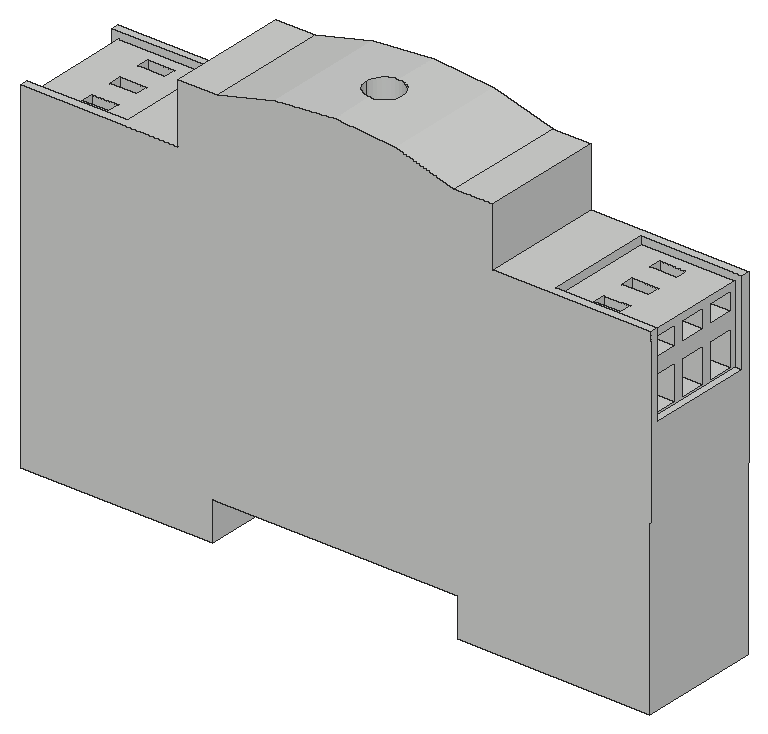
Revit family "Schutz für 2-polige Stromversorgung mit Fernsignalisierung", category Generic Models, Revit 2015
Parameters (values of type "VF2-230-AC/DC-FS")
  Width = 90 mm
  URL = "http://www.obo-bettermann.com"
  Material 2 = OBO PE
  Material = OBO PA 6 GF20
  Manufacturer Art.No. = "5097939"
  Manufacturer = "OBO Bettermann"
  Length = 17.5 mm
  Height = 60.5 mm
  GTIN = "4012195578260"
  Cut depth = 12 mm
  Article Type = "VF2-230-AC/DC-FS"
Types (4, lengths in mm): name | Manufacturer Art.No. | GTIN | Article Type
  (no name) | "5097939" | "4012195578260" | "VF2-230-AC/DC-FS"
  VF24-AC/DC-FS | "5097820" | "4012195578185" | "VF24-AC/DC-FS"
  VF230-AC-FS | "5097858" | "4012195578215" | "VF230-AC-FS"
  VF2-230-AC/DC-FS | "5097939" | "4012195578260" | "VF2-230-AC/DC-FS"
Reference planes
  plane 1 "Center (Front/Back)": y = 0
  plane 2: z = 0
  plane 3 "Center (Left/Right)": x = 0
  plane 4: z = 60.5
  plane 5: y = 8.75
  plane 6: y = -8.75
  plane 7: z = 37
  plane 8: z = 48
  plane 9: z = 46
  plane 10: x = 39
  plane 11: x = -39
  plane 12: z = 61.5
  plane 13: z = 51.5
  plane 14: z = 61.5
  plane 15: z = 51.5
  plane 16: x = -44
Forms (mm)
  Extrusion 1, solid, material "OBO PA 6 GF20" <- "Material"
    sketch origin (0, 0, 0) x (1, 0, 0) y (0, 0, 1)
      loop
        line (0, 5.5) -> (17.5, 5.5) -> (17.5, 0) -> (45, 0) -> (45, 49) -> (22.5, 49) -> (22.5, 57.5) -> (17, 57.5)
        arc (17, 57.5) -> (0, 60.5) -> (-17, 57.5) r 49.667
        line (-17, 57.5) -> (-22.5, 57.5) -> (-22.5, 49) -> (-45, 49) -> (-45, 0) -> (-17.5, 0) -> (-17.5, 5.5) -> (0, 5.5)
    from -8.75 to 8.75
  Extrusion 2, void
    sketch origin (0, 0, 0) x (1, 0, 0) y (0, 1, 0)
      loop
        line (30.6, 7.6) -> (30.6, -7.6) -> (45, -7.6) -> (45, 7.6) -> (30.6, 7.6)
      loop
        line (-45, 7.6) -> (-45, -7.6) -> (-30.6, -7.6) -> (-30.6, 7.6) -> (-45, 7.6)
    from 37 to 49
  Extrusion 3, solid, material "OBO PE" <- "Material 2"
    sketch origin (0, 0, 0) x (1, 0, 0) y (0, 1, 0)
      loop
        line (30.6, 7.6) -> (30.6, -7.6) -> (44, -7.6) -> (44, 7.6) -> (30.6, 7.6)
      loop
        line (-30.6, 7.6) -> (-44, 7.6) -> (-44, -7.6) -> (-30.6, -7.6) -> (-30.6, 7.6)
    from 37 to 48
  Extrusion 4, void
    sketch origin (0, 0, 0) x (1, 0, 0) y (0, 1, 0)
      loop
        line (34.7, 0.9) -> (34.7, -0.9) -> (38.5, -0.9) -> (38.5, 0.9) -> (34.7, 0.9)
      loop
        line (34.7, 5.9) -> (34.7, 4.1) -> (38.5, 4.1) -> (38.5, 5.9) -> (34.7, 5.9)
      loop
        line (34.7, -4.1) -> (34.7, -5.9) -> (38.5, -5.9) -> (38.5, -4.1) -> (34.7, -4.1)
      loop
        line (-34.7, 5.9) -> (-38.5, 5.9) -> (-38.5, 4.1) -> (-34.7, 4.1) -> (-34.7, 5.9)
      loop
        line (-34.7, 0.9) -> (-38.5, 0.9) -> (-38.5, -0.9) -> (-34.7, -0.9) -> (-34.7, 0.9)
      loop
        line (-34.7, -4.1) -> (-38.5, -4.1) -> (-38.5, -5.9) -> (-34.7, -5.9) -> (-34.7, -4.1)
    from 46 to 48
  Extrusion 5, void
    sketch origin (0, 0, 0) x (0, 1, 0) y (0, 0, 1)
      loop
        line (1.9, 47) -> (-1.9, 47) -> (-1.9, 44.4) -> (1.9, 44.4) -> (1.9, 47)
      loop
        line (6.9, 47) -> (3.1, 47) -> (3.1, 44.4) -> (6.9, 44.4) -> (6.9, 47)
      loop
        line (-3.1, 47) -> (-6.9, 47) -> (-6.9, 44.4) -> (-3.1, 44.4) -> (-3.1, 47)
      loop
        line (6.9, 42.2) -> (3.1, 42.2) -> (3.1, 37.2) -> (6.9, 37.2) -> (6.9, 42.2)
      loop
        line (1.9, 42.2) -> (-1.9, 42.2) -> (-1.9, 37.2) -> (1.9, 37.2) -> (1.9, 42.2)
      loop
        line (-3.1, 42.2) -> (-6.9, 42.2) -> (-6.9, 37.2) -> (-3.1, 37.2) -> (-3.1, 42.2)
    from 39 to 44
  Extrusion 6, void
    sketch origin (0, 0, 0) x (0, 1, 0) y (0, 0, 1)
      loop
        line (3.1, 44.4) -> (6.9, 44.4) -> (6.9, 47) -> (3.1, 47) -> (3.1, 44.4)
      loop
        line (1.9, 44.4) -> (1.9, 47) -> (-1.9, 47) -> (-1.9, 44.4) -> (1.9, 44.4)
      loop
        line (-3.1, 47) -> (-6.9, 47) -> (-6.9, 44.4) -> (-3.1, 44.4) -> (-3.1, 47)
      loop
        line (6.9, 42.2) -> (3.1, 42.2) -> (3.1, 37.2) -> (6.9, 37.2) -> (6.9, 42.2)
      loop
        line (1.9, 37.2) -> (1.9, 42.2) -> (-1.9, 42.2) -> (-1.9, 37.2) -> (1.9, 37.2)
      loop
        line (-3.1, 42.2) -> (-6.9, 42.2) -> (-6.9, 37.2) -> (-3.1, 37.2) -> (-3.1, 42.2)
    from -44 to -39
  Extrusion 7, void
    sketch origin (0, 0, 0) x (1, 0, 0) y (0, 1, 0)
      loop
        circle (0, 0) r 2.6
    from 51.5 to 61.5
  Extrusion 8, void
    sketch origin (0, 0, 0) x (0, 1, 0) y (0, 0, 1)
      loop
        line (5.55, 0) -> (5.55, 15.2) -> (-5.55, 15.2) -> (-5.55, 0) -> (5.55, 0)
    from -45 to -44
Cuts and joins
  Extrusion 2, Extrusion 4, Extrusion 5, Extrusion 6, Extrusion 7, Extrusion 8 cuts Extrusion 1
  Extrusion 4, Extrusion 5, Extrusion 6 cuts Extrusion 3
Dimensions and locks
  locked: Extrusion 1 sketch curve to plane 3 "Center (Left/Right)" at 45
  locked: Extrusion 1 sketch curve to level at 49  (x2)
  locked: Extrusion 1 sketch curve to level at 5.5
  locked: Extrusion 1 sketch curve to plane 3 "Center (Left/Right)" at 17.5
  locked: Extrusion 1 sketch curve to plane 3 "Center (Left/Right)" at 22.5
  locked: Extrusion 1 sketch curve to level at 57.5  (x2)
  locked: Extrusion 1 sketch curve to Extrusion 1 sketch curve at 5.5  (x2)
  "Width": Extrusion 1 sketch curve to Extrusion 1 sketch curve
  locked: plane 3 "Center (Left/Right)" to Extrusion 1 sketch curve at 17.5
  locked: plane 3 "Center (Left/Right)" to Extrusion 1 sketch curve at 22.5
  "Height": plane 4 to level
  "Length": plane 5 to plane 6
  locked: plane 5 to plane 1 "Center (Front/Back)" at 8.75
  locked: Extrusion 2 sketch curve to Extrusion 2 sketch curve at 15.2
  equal spacing: Extrusion 2 sketch curve, plane 1 "Center (Front/Back)", Extrusion 2 sketch curve, locked at 7.6 each
  locked: Extrusion 2 sketch curve to Extrusion 1 at 14.4
  locked: Extrusion 1 to Extrusion 2 sketch curve at 14.4
  "Cut depth": cut or joined group of Extrusion 1, Extrusion 2, Extrusion 4, Extrusion 5, Extrusion 6, Extrusion 7, Extrusion 8 to plane 7
  locked: Extrusion 3 sketch curve to cut or joined group of Extrusion 1, Extrusion 2, Extrusion 4, Extrusion 5, Extrusion 6, Extrusion 7, Extrusion 8 at 1
  locked: cut or joined group of Extrusion 1, Extrusion 2, Extrusion 4, Extrusion 5, Extrusion 6, Extrusion 7, Extrusion 8 to Extrusion 3 sketch curve at 1
  locked: cut or joined group of Extrusion 1, Extrusion 2, Extrusion 4, Extrusion 5, Extrusion 6, Extrusion 7, Extrusion 8 to plane 8 at 1
  locked: Extrusion 4 sketch curve to Extrusion 4 sketch curve at 1.8  (x3)
  equal spacing: Extrusion 4 sketch curve, plane 1 "Center (Front/Back)", Extrusion 4 sketch curve, locked at 0.9 each
  locked: Extrusion 4 sketch curve to Extrusion 4 sketch curve at 3.2  (x2)
  locked: Extrusion 4 sketch curve to Extrusion 4 sketch curve at 3.8  (x2)
  locked: Extrusion 4 sketch curve to cut or joined group of Extrusion 1, Extrusion 2, Extrusion 4, Extrusion 5, Extrusion 6, Extrusion 7, Extrusion 8 at 10.3
  locked: cut or joined group of Extrusion 1, Extrusion 2, Extrusion 4, Extrusion 5, Extrusion 6, Extrusion 7, Extrusion 8 to Extrusion 4 sketch curve at 10.3
  locked: plane 8 to plane 9 at 2
  locked: Extrusion 5 sketch curve to Extrusion 5 sketch curve at 3.8  (x3)
  equal spacing: Extrusion 5 sketch curve, plane 1 "Center (Front/Back)", Extrusion 5 sketch curve, locked at 1.9 each
  locked: Extrusion 5 sketch curve to Extrusion 5 sketch curve at 1.2  (x2)
  locked: cut or joined group of Extrusion 3, Extrusion 4, Extrusion 5, Extrusion 6 to Extrusion 5 sketch curve at 1
  locked: Extrusion 5 sketch curve to Extrusion 5 sketch curve at 2.6
  locked: Extrusion 5 sketch curve to Extrusion 5 sketch curve at 2.2
  locked: Extrusion 5 sketch curve to Extrusion 5 sketch curve at 5
  locked: cut or joined group of Extrusion 3, Extrusion 4, Extrusion 5, Extrusion 6 to plane 10 at 5
  locked: cut or joined group of Extrusion 3, Extrusion 4, Extrusion 5, Extrusion 6 to plane 11 at 5
  locked: plane 12 to cut or joined group of Extrusion 1, Extrusion 2, Extrusion 4, Extrusion 5, Extrusion 6, Extrusion 7, Extrusion 8 at 4
  locked: plane 12 to plane 13 at 10
  locked: plane 14 to cut or joined group of Extrusion 1, Extrusion 2, Extrusion 4, Extrusion 5, Extrusion 6, Extrusion 7, Extrusion 8 at 4
  locked: plane 14 to plane 15 at 10
  locked: cut or joined group of Extrusion 1, Extrusion 2, Extrusion 4, Extrusion 5, Extrusion 6, Extrusion 7, Extrusion 8 to Extrusion 8 sketch curve at 15.2
  locked: Extrusion 8 sketch curve to Extrusion 8 sketch curve at 11.1
  equal spacing: Extrusion 8 sketch curve, plane 1 "Center (Front/Back)", Extrusion 8 sketch curve, locked at 5.55 each
  locked: cut or joined group of Extrusion 1, Extrusion 2, Extrusion 4, Extrusion 5, Extrusion 6, Extrusion 7, Extrusion 8 to plane 16 at 1
  radius of Extrusion 1 sketch curve = 49.667 mm
  radius of Extrusion 7 sketch curve = 2.6 mm
  aligned and locked: level to plane 2
  aligned and locked: Extrusion 1 to plane 5
  aligned and locked: plane 6 to Extrusion 1
  aligned and locked: Extrusion 2 sketch curve to Extrusion 1  (x2)
  aligned and locked: Extrusion 2 sketch curve to Extrusion 2 sketch curve  (x2)
  aligned and locked: Extrusion 2 to plane 7
  aligned and locked: Extrusion 2 to Extrusion 1
  aligned and locked: Extrusion 3 sketch curve to cut or joined group of Extrusion 1, Extrusion 2, Extrusion 4, Extrusion 5, Extrusion 6, Extrusion 7, Extrusion 8  (x5)
  aligned and locked: cut or joined group of Extrusion 1, Extrusion 2, Extrusion 4, Extrusion 5, Extrusion 6, Extrusion 7, Extrusion 8 to Extrusion 3 sketch curve
  aligned and locked: cut or joined group of Extrusion 1, Extrusion 2, Extrusion 4, Extrusion 5, Extrusion 6, Extrusion 7, Extrusion 8 to Extrusion 3
  aligned and locked: plane 8 to Extrusion 3
  aligned and locked: Extrusion 4 sketch curve to Extrusion 4 sketch curve  (x14)
  aligned and locked: Extrusion 4 to plane 9
  aligned and locked: plane 8 to Extrusion 4
  aligned and locked: Extrusion 5 sketch curve to Extrusion 5 sketch curve  (x14)
  aligned and locked: Extrusion 5 to plane 10
  aligned and locked: cut or joined group of Extrusion 3, Extrusion 4, Extrusion 5, Extrusion 6 to Extrusion 5
  aligned and locked: Extrusion 6 sketch curve to cut or joined group of Extrusion 3, Extrusion 4, Extrusion 5, Extrusion 6  (x24)
  aligned and locked: cut or joined group of Extrusion 3, Extrusion 4, Extrusion 5, Extrusion 6 to Extrusion 6
  aligned and locked: plane 11 to Extrusion 6
  aligned and locked: Extrusion 7 to plane 15
  aligned and locked: plane 14 to Extrusion 7
  aligned and locked: Extrusion 1 to Extrusion 8
  aligned and locked: Extrusion 8 to cut or joined group of Extrusion 3, Extrusion 4, Extrusion 5, Extrusion 6
Automatic sketch dimensions
  Extrusion 1 sketch curve to plane 3 "Center (Left/Right)" = 0 mm
  Extrusion 1 sketch curve to level = 0 mm  (x2)
  Extrusion 6 sketch curve to plane 1 "Center (Front/Back)" = 3.1 mm
  plane 1 "Center (Front/Back)" to Extrusion 7 sketch curve = 0 mm
  Extrusion 7 sketch curve to plane 3 "Center (Left/Right)" = 0 mm
  Extrusion 8 sketch curve to level = 0 mm
